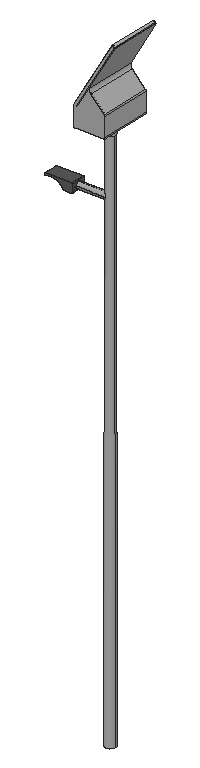
Revit family "Farola Solar Moon M gris", category Luminarias, Revit 2021
Family settings
  Cota de conector redondo = Diámetro de uso
  Tipo de pieza = Normal
  Se basa en plano de trabajo = No
  Siempre vertical = Sí
  Corte con vacíos al cargar = No
  Origen de luz = No
  Compartido = Sí
  Punto de cálculo de habitación = No
Parameters (values of type "Farola Olintu S pintura gris")
  URL producto = "https://ekiona.com/farolas-solares/serie-moon/"
  URL = "https://www.ekiona.com/"
  Teléfono de contacto = "(+34) 943 30 80 51"
  Keynote = ""
  Modelo = "Modelo Moon"
  Marcado CE = "SÍ"
  Garantía = "5 años"
  Gama de colores = "Blanco, Negro, Gris, Verde bosque, acero galvanizado"
  Gama de acabados = "Galvanizado, Fibra de vidrio, Aluminio"
  Fabricante = "Ekiona"
  Elevación por defecto = 2000 mm
  E-mail de contacto = "info@ekiona.com"
  Distancia inserto-columa = Altura columna planos - 136 mm  # 5864 mm
  Distancia brazo-final de columna = Altura columna planos - 700 mm  # 5300 mm
  Dirección = "Parque Tecnológico Miramón - Paseo Mikeletegi 56 - 20009 Donostia/San Sebastián"
  Descripción de la empresa = "Diseñamos, desarrollamos, fabricamos y comercializamos farolas solares que se adaptan a cualquier necesidad."
  Descripción = "Farola solar compacta y estética, la unión entre eficiencia y diseño"
  Clase eficiencia energética = "A++"
  Altura columna extremos = 6000 mm
  Altura columna planos = Altura columna extremos  # 6000 mm
Types (3, lengths in mm): name | URL producto | Modelo | Garantía | Gama de colores | Gama de acabados | Distancia inserto-columa | Distancia brazo-final de columna | Dirección | Descripción de la empresa | Descripción | Altura columna extremos | Altura columna planos
  (no name) | "https://ekiona.com/farolas-solares/serie-moon/" | "Modelo Moon" | "5 años" | "Blanco, Negro, Gris, Verde bosque, acero galvanizado" | "Galvanizado, Fibra de vidrio, Aluminio" | 5864 | 5300 | "Parque Tecnológico Miramón - Paseo Mikeletegi 56 - 20009 Donostia/San Sebastián" | "Diseñamos, desarrollamos, fabricamos y comercializamos farolas solares que se adaptan a cualquier necesidad." | "Farola solar compacta y estética, la unión entre eficiencia y diseño" | 6000 | 6000
  Farola Olintu S pintura blanca | "https://ekiona.com/farolas-solares/serie-olintu/" | "Modelo Olintu" | "2 años" | "" | "" | 3864 | 3300 | "" | "" | "Farola solar que combina diseño y eficencia" | 4000 | 4000
  Farola Olintu S pintura gris | "https://ekiona.com/farolas-solares/serie-moon/" | "Modelo Moon" | "5 años" | "Blanco, Negro, Gris, Verde bosque, acero galvanizado" | "Galvanizado, Fibra de vidrio, Aluminio" | 5864 | 5300 | "Parque Tecnológico Miramón - Paseo Mikeletegi 56 - 20009 Donostia/San Sebastián" | "Diseñamos, desarrollamos, fabricamos y comercializamos farolas solares que se adaptan a cualquier necesidad." | "Farola solar compacta y estética, la unión entre eficiencia y diseño" | 6000 | 6000
Reference planes
  plane 1 "Center (Front/Back)": y = 0
  plane 2: z = 0
  plane 3 "Center (Left/Right)": x = 0
  plane 4: z = 6000
  plane 5: z = 5300
Dimensions and locks
  "Altura columna planos": plane 2 to plane 4
  "Distancia brazo-final de columna": level to plane 5
  "Distancia inserto-columa": level to nested 3
  aligned and locked: level to plane 2
  aligned and locked: plane 5 to nested 2
Nested families
  nested 1: "Columna Moon M gris" at (5, 0, 0), Altura columna <- "Altura columna extremos", type "Columna 6m"
  nested 2: "Luminaria Moon M gris" at (5, 0, 5251.464), type "Luminaria 20W"
  nested 3: "Tolva Moon M gris" at (5, 340, 4524.796), type "Tolva Moon M gris"
Definition of nested family "Columna Moon M gris"
  Parameters (values of type "Columna 7m")
    Øsuperior columna = 88 mm
    Øinferior columna = 115 mm
    Material columna = none
    Default Elevation = 0 mm
    Altura columna [instance] = 7000 mm
  Types (2, lengths in mm): name | Altura columna
    Columna 6m | 6000
    Columna 7m | 7000
  Reference planes
    plane 1 "Center (Front/Back)": y = 0
    plane 2: z = 0
    plane 3 "Center (Left/Right)": x = 0
    plane 4: z = 7000
  Forms (mm)
    Blend 1, solid, material <- "Material columna"
      base sketch origin (0, 0, 0) x (1, 0, 0) y (0, 1, 0)
        loop
          circle (0.091, 0.421) r 57.5
      top sketch origin (0, 0, 0) x (1, 0, 0) y (0, 1, 0)
        loop
          circle (0.091, 0.421) r 44
      from 0 to 7000
  Dimensions and locks
    "Altura columna": plane 4 to level
    "Øinferior columna": diameter of Blend 1 sketch curve
    "Øsuperior columna": diameter of Blend 1 sketch curve
    aligned and locked: level to plane 2
    aligned and locked: plane 4 to Blend 1
  Automatic sketch dimensions
    plane 3 "Center (Left/Right)" to Blend 1 sketch curve = 0.091 mm  (x2)
    Blend 1 sketch curve to plane 1 "Center (Front/Back)" = 0.421 mm  (x2)
Definition of nested family "Luminaria Moon M gris"
  Parameters (values of type "Luminaria 50W")
    Tilt Angle = 70.00°
    built-in parameter 1010506 = 0.34907 (stored number, unit not read)
    built-in parameter 1010507 = 1.2217 (stored number, unit not read)
    Wattage = 50 W
    built-in parameter 1150107 = 3000 (stored number, unit not read)
    built-in parameter 1150110 = 1 (stored number, unit not read)
    built-in parameter 1150109 = 1 (stored number, unit not read)
    built-in parameter 1150112 = 1 (stored number, unit not read)
    built-in parameter 1150113 = 1 (stored number, unit not read)
    built-in parameter 1114218 = 1 (stored number, unit not read)
    built-in parameter 1150137 = (empty or 0)
    built-in parameter 1150132 = (empty or 0)
    Material luminaria = none
    Material brazo = none
    Material LED = none
    Light Source Symbol Length = 3048 mm
    built-in parameter 1150105 = 60769.7 (stored number, unit not read)
    built-in parameter 1150102 = (empty or 0)
    built-in parameter 1150106 = 607.7 (stored number, unit not read)
    Emit Shape Visible in Rendering = no
    Lumens = 8250 lm
    Color Filter = 16777215
    built-in parameter 1114217 = 0.7 (stored number, unit not read)
    built-in parameter 1150139 = (empty or 0)
    Default Elevation = 0 mm
    built-in parameter 1150104 = 15.329 (stored number, unit not read)
    Emit from Circle Diameter = 50 mm
    built-in parameter 1150115 = 1 (stored number, unit not read)
    built-in parameter 1150114 = 1 (stored number, unit not read)
    built-in parameter 1150138 = (empty or 0)
    built-in parameter 1150134 = (empty or 0)
    Dimming Lamp Color Temperature Shift = (empty or 0)
    built-in parameter 1150133 = 10 (stored number, unit not read)
  Types (4, lengths in mm): name | Wattage | built-in parameter 1150105 | built-in parameter 1150106 | Lumens
    Luminaria 30W | 30 W | 36461.8 (stored number, unit not read) | 364.62 (stored number, unit not read) | 4950 lm
    Luminaria 20W | 20 W | 24307.9 (stored number, unit not read) | 243.08 (stored number, unit not read) | 3300 lm
    Luminaria 40W | 40 W | 48615.8 (stored number, unit not read) | 486.16 (stored number, unit not read) | 6600 lm
    Luminaria 50W | 50 W | 60769.7 (stored number, unit not read) | 607.7 (stored number, unit not read) | 8250 lm
  Reference planes
    plane 1 "Center (Front/Back)": y = 0
    plane 2: z = 0
    plane 3 "Center (Left/Right)": x = 0
  Forms (mm)
    Revolve 1, solid, material <- "Material brazo"
      sketch origin (303.946, 1.989, 0) x (1, 0, 0) y (0, 1, 0)
        loop
          line (-668.06, 30) -> (-302.022, 30) -> (-302.022, 33.284) -> (-668.06, 33.284) -> (-668.06, 30)
        axis (-668.06, 0) -> (-302.022, 0)
      angle from 0 to 360
    Revolve 2, solid, material <- "Material LED"
      sketch origin (637.978, 0, -3.572) x (1, 0, 0) y (0, 0, 1)
        loop
          arc (-1192.369, 27.257) -> (-1185.047, 9.579) -> (-1167.369, 2.257) r 25
          line (-1167.369, 2.257) -> (-1167.369, 27.257) -> (-1192.369, 27.257)
        axis (-1167.369, 27.257) -> (-1167.369, 2.257)
      angle from 0 to 360
    Extrusion 3, solid, material <- "Material luminaria"
      sketch origin (188.457, 170, 0) x (1, 0, 0) y (0, 0, 1)
        loop
          arc (-530.557, 45) -> (-532.034, 47.059) -> (-534.093, 48.536) r 7.795
          line (-534.093, 48.536) -> (-819.093, 48.536)
          arc (-819.093, 48.536) -> (-830.585, 37.044) -> (-819.093, 25.552) r 11.492
          line (-819.093, 25.552) -> (-754.765, 25.552)
          arc (-754.765, 25.552) -> (-719.662, 20.455) -> (-685.221, 11.966) r 364.063
          arc (-685.221, 11.966) -> (-667.18, 1.896) -> (-655.103, -14.869) r 47.612
          arc (-655.103, -14.869) -> (-633.37, -40.263) -> (-603.441, -55.142) r 83.798
          arc (-603.441, -55.142) -> (-569.333, -56.37) -> (-535.764, -50.207) r 157.18
          arc (-535.764, -50.207) -> (-532.082, -48.682) -> (-530.557, -45) r 5.207
          line (-530.557, -45) -> (-530.557, 45)
      from 95.307 to 250
  Dimensions and locks
    aligned and locked: level to plane 2
Definition of nested family "Tolva Moon M gris"
  Parameters (values of type "Tolva Moon M gris")
    Model = "Tolva Olintu"
    Material inserto = none
    Material estructura base = none
    Manufacturer = "Ekiona"
    Default Elevation = 0 mm
    Ancho panel = 545 mm
  Reference planes
    plane 1 "Center (Front/Back)": y = 0
    plane 2: z = 0
    plane 3 "Center (Left/Right)": x = 0
    plane 4 "paralelo a vista izq": y = -337.5
    plane 5 "Plano 1": through (259.959, -25, 3493.187) normal (-0.5, 0, 0.866)
    plane 6: through (97.83, 0, 2130.088) normal (-0.866, 0, 0.5)
  Forms (mm)
    Revolve 1, solid, material <- "Material inserto"
      sketch origin (0, 0, -386.551) x (0, 1, 0) y (0, 0, 1)
        loop
          line (-287.5, 2035.827) -> (-287.5, 1725.755) -> (-284.5, 1725.755) -> (-284.5, 2035.827) -> (-287.5, 2035.827)
        axis (-337.5, 2035.827) -> (-337.5, 1725.755)
      angle from 0 to 360
    Extrusion 2, solid, not visible
      sketch origin (124.705, 0, 1465.982) x (1, 0, 0) y (0, 0, 1)
        loop
          line (25.298, 2103.034) -> (-292.965, 1551.785) -> (-241.004, 1521.785) -> (77.26, 2073.034) -> (25.298, 2103.034)
      from 70.047 to 615.047
    Extrusion 3, void, not visible
      sketch origin (-63.196, 0, 1140.322) x (1, 0, 0) y (0, 0, 1)
        loop
          line (224.128, 2422.685) -> (236.948, 2349.979) -> (276.798, 2419.002) -> (224.128, 2422.685)
      from 0 to 675
    Extrusion 4, void, not visible
      sketch origin (124.705, 0, 1465.982) x (1, 0, 0) y (0, 0, 1)
        loop
          line (-212.839, 1570.569) -> (-289.787, 1549.95) -> (-300.47, 1528.787) -> (-231.188, 1488.787) -> (-191.188, 1558.069) -> (-212.839, 1570.569)
      from 0 to 675
    Extrusion 5, solid, not visible
      sketch origin (-63.252, 0, 1140.601) x (1, 0, 0) y (0, 0, 1)
        loop
          line (212.635, 2427.51) -> (224.709, 2420.539) -> (237.206, 2349.669) -> (152.052, 2202.179) -> (153.752, 2201.197) -> (239.192, 2349.183) -> (226.372, 2421.888) -> (213.635, 2429.242) -> (212.635, 2427.51)
      from 70.047 to 615.047
    Extrusion 6, solid, not visible
      sketch origin (124.679, 0, 1466.114) x (1, 0, 0) y (0, 0, 1)
        loop
          line (-35.879, 1876.666) -> (-212.705, 1570.395) -> (-289.813, 1549.734) -> (-293.065, 1551.612) -> (-294.068, 1549.876) -> (-290.068, 1547.567) -> (-211.46, 1568.63) -> (-34.182, 1875.686) -> (-35.879, 1876.666)
      from 70.047 to 615.047
    Extrusion 7, solid, not visible
      sketch origin (124.769, 0, 1465.921) x (1, 0, 0) y (0, 0, 1)
        loop
          line (-292.965, 1551.785) -> (25.035, 2102.578) -> (-5.276, 2120.078) -> (-323.276, 1569.285) -> (-292.965, 1551.785)
      from 70.047 to 615.047
    Extrusion 8, void, not visible
      sketch origin (-1013.482, -34.1, 1392.821) x (0, 1, 0) y (0.5, 0, 0.866025)
        loop
          line (-463.861, 2321.81) -> (-416.148, 2321.81)
          arc (-416.148, 2321.81) -> (-419.48, 2339.286) -> (-430.409, 2353.323) r 37.954
          arc (-430.409, 2353.323) -> (-445.409, 2358.568) -> (-460.409, 2353.323) r 24.073
          arc (-460.409, 2353.323) -> (-471.433, 2339.075) -> (-474.645, 2321.349) r 37.954
          arc (-474.645, 2321.349) -> (-473.167, 2312.913) -> (-469.836, 2305.024) r 37.954
          arc (-469.836, 2305.024) -> (-441.562, 2289.96) -> (-416.017, 2309.293) r 29.744
          line (-416.017, 2309.293) -> (-423.962, 2312.74)
          arc (-423.962, 2312.74) -> (-442.617, 2300.75) -> (-461.255, 2312.766) r 20.484
          arc (-461.255, 2312.766) -> (-462.888, 2317.193) -> (-463.861, 2321.81) r 32.425
        loop
          line (-462.861, 2331.038) -> (-427.861, 2331.038)
          arc (-427.861, 2331.038) -> (-445.361, 2348.538) -> (-462.861, 2331.038) r 17.5
        loop
          line (-407.152, 2354.99) -> (-407.152, 2299.99)
          arc (-407.152, 2299.99) -> (-401.908, 2294.747) -> (-396.665, 2299.99) r 5.244
          line (-396.665, 2299.99) -> (-396.665, 2315.008) -> (-387.196, 2324.476) -> (-367.121, 2295.806)
          arc (-367.121, 2295.806) -> (-360.158, 2294.578) -> (-358.93, 2301.542) r 5
          line (-358.93, 2301.542) -> (-380.016, 2331.656) -> (-362.339, 2349.334)
          arc (-362.339, 2349.334) -> (-362.339, 2357.323) -> (-370.328, 2357.323) r 5.649
          line (-370.328, 2357.323) -> (-396.665, 2330.986) -> (-396.665, 2354.99)
          arc (-396.665, 2354.99) -> (-401.908, 2360.234) -> (-407.152, 2354.99) r 5.244
        loop
          line (-345.695, 2330.348) -> (-345.695, 2298.296)
          arc (-345.695, 2298.296) -> (-340.695, 2293.296) -> (-335.695, 2298.296) r 5
          line (-335.695, 2298.296) -> (-335.695, 2330.348)
          arc (-335.695, 2330.348) -> (-340.695, 2335.348) -> (-345.695, 2330.348) r 5
        loop
          arc (-313.958, 2351.943) -> (-322.635, 2348.932) -> (-329.497, 2355.038) r 9.076
          arc (-329.497, 2355.038) -> (-336.449, 2361.579) -> (-345.695, 2359.211) r 9.903
          arc (-345.695, 2359.211) -> (-348.682, 2355.086) -> (-349.922, 2350.147) r 13.45
          arc (-349.922, 2350.147) -> (-346.706, 2343.243) -> (-339.177, 2342.089) r 8.071
          arc (-339.177, 2342.089) -> (-335.695, 2342.685) -> (-332.214, 2342.089) r 10.463
          arc (-332.214, 2342.089) -> (-327.031, 2338.208) -> (-325.061, 2332.04) r 10.635
          arc (-325.061, 2332.04) -> (-262.525, 2310.202) -> (-313.958, 2351.943) r 33.621
        loop
          line (-250.357, 2353.481) -> (-250.357, 2298.481)
          arc (-250.357, 2298.481) -> (-243.625, 2291.749) -> (-236.893, 2298.481) r 6.732
          line (-236.893, 2298.481) -> (-236.893, 2343.466)
          arc (-236.893, 2343.466) -> (-229.971, 2349.019) -> (-221.459, 2351.529) r 22.933
          arc (-221.459, 2351.529) -> (-212.902, 2347.984) -> (-209.357, 2339.427) r 12.102
          line (-209.357, 2339.427) -> (-209.357, 2298.481)
          arc (-209.357, 2298.481) -> (-203.024, 2292.148) -> (-196.691, 2298.481) r 6.333
          line (-196.691, 2298.481) -> (-196.691, 2339.905)
          arc (-196.691, 2339.905) -> (-198.028, 2347.169) -> (-201.863, 2353.481) r 20.404
          arc (-201.863, 2353.481) -> (-219.569, 2360.932) -> (-237.793, 2354.854) r 27.258
          arc (-237.793, 2354.854) -> (-244.69, 2359.8) -> (-250.357, 2353.481) r 6.357
        loop
          arc (-184.719, 2344.597) -> (-181.441, 2338.502) -> (-174.681, 2339.98) r 5.745
          arc (-174.681, 2339.98) -> (-169.693, 2349.593) -> (-159.36, 2352.836) r 14.106
          arc (-159.36, 2352.836) -> (-151.076, 2350.212) -> (-144.661, 2344.349) r 20.193
          line (-144.661, 2344.349) -> (-144.661, 2338.186)
          arc (-144.661, 2338.186) -> (-158.183, 2333.475) -> (-172.248, 2330.794) r 97.575
          arc (-172.248, 2330.794) -> (-181.869, 2326.808) -> (-185.855, 2317.187) r 13.607
          arc (-185.855, 2317.187) -> (-186.09, 2312.502) -> (-186.044, 2307.811) r 78.299
          arc (-186.044, 2307.811) -> (-182.313, 2300.899) -> (-176.154, 2296.024) r 19.471
          arc (-176.154, 2296.024) -> (-166.154, 2293.649) -> (-156.154, 2296.024) r 22.235
          arc (-156.154, 2296.024) -> (-150.683, 2299.242) -> (-145.676, 2303.144) r 48.757
          line (-145.676, 2303.144) -> (-145.676, 2297.176)
          arc (-145.676, 2297.176) -> (-140.801, 2292.301) -> (-135.926, 2297.176) r 4.875
          line (-135.926, 2297.176) -> (-135.926, 2347.483)
          arc (-135.926, 2347.483) -> (-140.108, 2354.143) -> (-146.491, 2358.739) r 20.503
          arc (-146.491, 2358.739) -> (-158.534, 2361.376) -> (-170.577, 2358.739) r 28.822
          arc (-170.577, 2358.739) -> (-178.914, 2352.934) -> (-184.719, 2344.597) r 28.822
        loop
          arc (-144.661, 2330.676) -> (-156.177, 2325.488) -> (-168.693, 2323.785) r 44.019
          arc (-168.693, 2323.785) -> (-173.358, 2321.852) -> (-175.29, 2317.187) r 6.598
          arc (-175.29, 2317.187) -> (-175.527, 2313.145) -> (-175.29, 2309.103) r 34.669
          arc (-175.29, 2309.103) -> (-173.729, 2305.335) -> (-169.961, 2303.774) r 5.329
          arc (-169.961, 2303.774) -> (-163.465, 2302.436) -> (-156.969, 2303.774) r 16.436
          arc (-156.969, 2303.774) -> (-150.056, 2308.034) -> (-144.661, 2314.101) r 27.926
          line (-144.661, 2314.101) -> (-144.661, 2330.676)
      from -19.407 to 3
    Revolve 9, solid, not visible
      sketch origin (0, 0, 1241.412) x (0, 1, 0) y (0, 0, 1)
        loop
          line (-287.5, 2035.827) -> (-287.5, 1725.755) -> (-284.5, 1725.755) -> (-284.5, 2035.827) -> (-287.5, 2035.827)
        axis (-337.5, 2035.827) -> (-337.5, 1725.755)
      angle from 0 to 360
    Extrusion 10, solid, not visible
      sketch origin (128.943, 0, 6.927) x (1, 0, 0) y (0, 0, 1)
        loop
          line (25.298, 2103.034) -> (-292.965, 1551.785) -> (-241.004, 1521.785) -> (77.26, 2073.034) -> (25.298, 2103.034)
      from 70.047 to 615.047
    Extrusion 11, solid, not visible
      sketch origin (-59.014, 0, -318.454) x (1, 0, 0) y (0, 0, 1)
        loop
          line (212.635, 2427.51) -> (224.709, 2420.539) -> (237.206, 2349.669) -> (152.052, 2202.179) -> (153.752, 2201.197) -> (239.192, 2349.183) -> (226.372, 2421.888) -> (213.635, 2429.242) -> (212.635, 2427.51)
      from 70.047 to 615.047
    Extrusion 12, solid, not visible
      sketch origin (128.918, 0, 7.059) x (1, 0, 0) y (0, 0, 1)
        loop
          line (-35.879, 1876.666) -> (-212.705, 1570.395) -> (-289.813, 1549.734) -> (-293.065, 1551.612) -> (-294.068, 1549.876) -> (-290.068, 1547.567) -> (-211.46, 1568.63) -> (-34.182, 1875.686) -> (-35.879, 1876.666)
      from 70.047 to 615.047
    Revolve 13, solid, not visible
      sketch origin (0, 0, -217.643) x (0, 1, 0) y (0, 0, 1)
        loop
          line (-287.5, 2035.827) -> (-287.5, 1725.755) -> (-284.5, 1725.755) -> (-284.5, 2035.827) -> (-287.5, 2035.827)
        axis (-337.5, 2035.827) -> (-337.5, 1725.755)
      angle from 0 to 360
    Extrusion 14, solid
      sketch origin (106.298, 0, 251.777) x (1, 0, 0) y (0, 0, 1)
        loop
          line (160.132, 2120.334) -> (134.151, 2135.334) -> (-268.349, 1438.184) -> (-242.368, 1423.184) -> (160.132, 2120.334)
      from 72.309 to 613.86
    Extrusion 15, solid, material <- "Material estructura base"
      sketch origin (0, 0, 0) x (1, 0, 0) y (0, 0, 1)
        loop
          arc (147.315, 1456.297) -> (160.446, 1461.736) -> (165.885, 1474.867) r 18.569
          line (165.885, 1474.867) -> (165.885, 1674.867)
          arc (165.885, 1674.867) -> (163.765, 1685.3) -> (157.744, 1694.079) r 26.74
          line (157.744, 1694.079) -> (12.787, 1839.036)
          arc (12.787, 1839.036) -> (-0.782, 1863.06) -> (0, 1890.64) r 51.489
          line (0, 1890.64) -> (275.091, 2367.111) -> (244.78, 2384.611) -> (-167.647, 1670.268)
          arc (-167.647, 1670.268) -> (-169.408, 1662.657) -> (-170, 1654.867) r 51.572
          line (-170, 1654.867) -> (-170, 1477.511)
          arc (-170, 1477.511) -> (-163.787, 1462.511) -> (-148.787, 1456.297) r 21.213
          line (-148.787, 1456.297) -> (147.315, 1456.297)
      from 70.047 to 615.047
  Dimensions and locks
    Revolve 1 sketch curve to Revolve 1 sketch curve = 50 mm
    Revolve 1 sketch curve to Revolve 1 sketch curve = 53 mm
    Revolve 13 sketch curve to Revolve 13 sketch curve = 50 mm
    Revolve 13 sketch curve to Revolve 13 sketch curve = 53 mm
    Extrusion 15 to Extrusion 14 = 805 mm
    aligned and locked: level to plane 2
